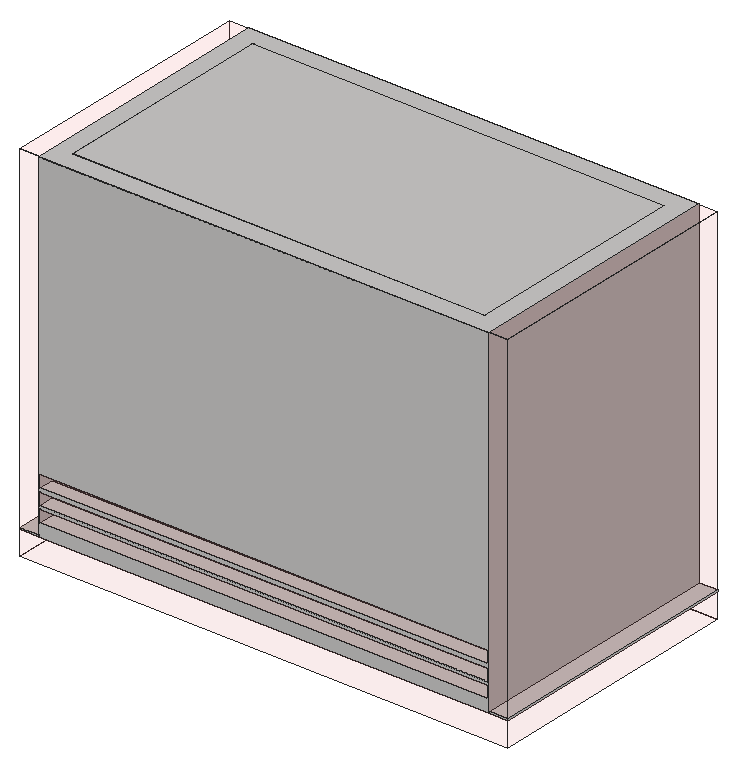
Revit family "Air-Curtain_Specialty_PoweredAire_HDC-Corrosive", category Mechanical Equipment, host Face, Revit 2022
Family settings
  Host = Face
  Round Connector Dimension = Use Diameter
  Part Type = Normal
  OmniClass Number = 23.75.35.17.21
  OmniClass Title = Air Curtains
  Cut with Voids When Loaded = No
  Maintain Annotation Orientation = No
  Shared = No
  Room Calculation Point = No
Parameters
  Warranty Duration (Years) = 0
  Unit Width Notes = "Other Widths available."  # constant formula
  Unit Width = 3' - 3"
  Unit Weight = 0
  Unit Height = 1' - 9"
  Unit Depth = 2' - 3 1/4"
  URL = "http://www.poweredaire.com/"
  Test Data = ""
  Standards Conformance = "as Specified"
  Specification = "http://www.arcat.com/sdspecs/htm04/23_34_33pai.htm"
  SpecWizard = ""
  Sound Pressure = "as Specified"
  Sales Information = "http://www.poweredaire.com/contact_us"
  Revision = "R1_2016-08"
  Projection from Host [instance] = 0' - 2"
  Product Properties = ""
  Product Data = "http://www.arcat.com/arcatcos/cos47/arc47623.html"
  Power Rating = 0 W
  Nozzle Width = if(1 = 1, Unit Width - 0' 3", 0' 0")  # 3' - 0"
  Mounting Width = if(1 = 1, Unit Width - 0' 1 1/2", 0' 0")  # 3' - 1 1/2"
  Mounting Height [instance] = 3' - 6"
  Motor RPM = 0
  Motor HP = 0
  Motor Count = 0
  Model = "As Specified"
  Max Height = 0' - 0"
  Manufacturer Website = "http://www.poweredaire.com/"
  Manufacturer Phone - Toll Free = "888-321-2473"
  Manufacturer Phone = "724-588-3305"
  Manufacturer Fax = "724-588-3371"
  Manufacturer Address = "109 Mortensen Rd.  Greenville, PA 16125"
  Manufacturer = "Powered Aire, Inc"
  Maintenance Schedule (Months) = 0
  Keynote = "23 34 33"
  Installation-Fabrication = ""
  Installation Phase = ""
  Include Clearance [instance] = yes
  Heating Element Load = 0 W
  HVAC_Temperature Rise = 0 °F
  HVAC_Outlet Volume = 0 CFM
  HVAC_Outlet Velocity Uniformity = 0
  HVAC_Outlet Velocity = 0 FPM
  Green Building-LEED = "http://www.arcat.com/green/clients/leed_data_47623.html"
  Front Grating Material [instance] = Metal - Steel - PoweredAire - Stainless 304 Perforated
  Frame Finish [instance] = Metal - Steel - PoweredAire - Stainless 304
  Expected Lifespan (Years) = 0
  Electrical_Wattage [instance] = Power Rating + Heating Element Load  # 0 W
  Electrical_Voltage [instance] = 0 V
  Electrical_Phase [instance] = 1
  Electrical_Frequency [instance] = 0 Hz
  Electrical_Amperage [instance] = 0 A
  Drawn By = "Sumex Design, Inc. / Robert S. Weygant, CSI, CDT, SCIP"
  Description = "Powered Aire Air Curtain as Specified"
  Default Elevation = 0' - 0"  # constant formula
  Copyright = "©Arcat Inc."
  Construction Details = "http://www.arcat.com/details/powair/prod3336.html"
  Clearance_Top [instance] = 0' - 0"
  Clearance_Side B [instance] = 0' - 0"
  Clearance_Side A [instance] = 0' - 0"
  Clearance_Intake [instance] = 0' - 0"
  Clearance_Bottom [instance] = 0' - 0"
  Clearance Material [instance] = ARCAT Clearance
  Building Codes = ""
  Available Options [instance] = "as Specified"
  Assembly Code = "D3090400"
Reference planes (in)
  plane 1 "Center (Elevation)": y = 10.63818
  plane 2: z = 0
  plane 3 "Center (Left/Right)": x = 0
  plane 4: y = 21.13818
  plane 5 "BoC": y = 0.13818
  plane 6: x = -19.5
  plane 7: x = 19.5
  plane 8: z = 29.25
  plane 9 "FF": y = -41.86182
  plane 10: z = 2
  plane 11: x = 18
  plane 12: x = -18
  plane 13: y = 21.13818
  plane 14: y = 0.13818
  plane 15: x = -19.5
  plane 16: x = 19.5
  plane 17: z = 29.25
  plane 18: y = 0.13818
  plane 19: x = 17.9375
  plane 20: x = -17.9375
Forms (in)
  Extrusion 1, solid, material "ARCAT Clearance" <- "Clearance Material", visible <- "Include Clearance"
    sketch origin (0, 0, 0) x (0, 1, 0) y (0, 0, 1)
      loop
        line (0.13818, 29.25) -> (0.13818, 0) -> (21.13818, 0) -> (21.13818, 29.25) -> (0.13818, 29.25)
    from -19.5 to 19.5
  Extrusion 2, solid, material "Metal - Steel - PoweredAire - Stainless 304" <- "Frame Finish"
    sketch origin (0, 10.63818, 0) x (1, 0, 0) y (0, 0, 1)
      loop
        line (18, 29.25) -> (-18, 29.25) -> (-18, 2) -> (18, 2) -> (18, 29.25)
    from -10.5 to 10.5
  Extrusion 3, void
    sketch origin (0, 0, 0) x (0, 1, 0) y (0, 0, 1)
      loop
        line (0.13818, 4) -> (0.13818, 3) -> (1.63818, 3) -> (1.63818, 6.5) -> (0.13818, 6.5) -> (0.13818, 5.5) -> (1.38818, 5.5) -> (1.38818, 5.25) -> (0.13818, 5.25) -> (0.13818, 4.25) -> (1.38818, 4.25) -> (1.38818, 4) -> (0.13818, 4)
    from -17.9375 to 17.9375
  Extrusion 4, solid, material "Metal - Steel - PoweredAire - Stainless 304 Perforated" <- "Front Grating Material"
    sketch origin (18, 10.63818, 29.25) x (-1, 0, 0) y (0, -1, 0)
      loop
        line (1.5, -9) -> (34.5, -9) -> (34.5, 9) -> (1.5, 9) -> (1.5, -9)
    from 0 to 0.03125
  Extrusion 5, solid, material "Metal - Steel - PoweredAire - Stainless 304" <- "Frame Finish"
    sketch origin (-15.17702, -180, 2) x (-1, 0, 0) y (0, -1, 0)
      loop
        line (4.32298, -201.13818) -> (4.32298, -180.13818) -> (2.82298, -180.13818) -> (2.82298, -201.13818) -> (4.32298, -201.13818)
      loop
        line (-34.67702, -201.13818) -> (-33.17702, -201.13818) -> (-33.17702, -180.13818) -> (-34.67702, -180.13818) -> (-34.67702, -201.13818)
    from 0 to 0.125
Cuts and joins
  Extrusion 3 cuts Extrusion 2
Dimensions and locks (in)
  equal spacing: plane 4, plane 1 "Center (Elevation)", plane 5 "BoC"
  "Unit Height": plane 4 to plane 5 "BoC"
  equal spacing: plane 6, plane 3 "Center (Left/Right)", plane 7
  "Unit Width": plane 6 to plane 7
  "Mounting Height": plane 5 "BoC" to plane 9 "FF"
  "Projection from Host": plane 10 to level
  "Unit Depth": plane 8 to plane 10
  locked: plane 6 to plane 12 at 1.5
  locked: plane 11 to plane 7 at 1.5
  "Clearance_Side A": plane 7 to plane 16
  "Clearance_Side B": plane 15 to plane 6
  "Clearance_Top": plane 13 to plane 4
  "Clearance_Bottom": plane 5 "BoC" to plane 14
  "Clearance_Intake": plane 17 to plane 8
  locked: plane 7 to Extrusion 2 sketch curve at 1.5
  locked: Extrusion 2 sketch curve to plane 6 at 1.5
  locked: plane 18 to plane 5 "BoC" at 0
  locked: plane 12 to Extrusion 4 sketch curve at 1.5
  locked: Extrusion 4 sketch curve to plane 11 at 1.5
  locked: Extrusion 4 sketch curve to plane 5 "BoC" at 1.5
  locked: plane 20 to plane 12 at 0.0625
  locked: plane 11 to plane 19 at 0.0625
  Extrusion 3 sketch curve to Extrusion 3 sketch curve to Extrusion 3 sketch curve to Extrusion 3 sketch curve to Extrusion 3 sketch curve to Extrusion 3 sketch curve to plane 10 = 0' - 1" locked, 0' - 0 1/4" locked, 0' - 1" locked, 0' - 0 1/4" locked, 0' - 1" locked, 0' - 1" locked
  locked: plane 4 to Extrusion 4 sketch curve at 1.5
  aligned and locked: plane 2 to host face
  aligned and locked: level to host face
  aligned and locked: Extrusion 1 sketch curve to plane 17
  aligned and locked: plane 14 to Extrusion 1 sketch curve
  aligned and locked: level to Extrusion 1 sketch curve
  aligned and locked: Extrusion 1 sketch curve to plane 13
  aligned and locked: plane 16 to Extrusion 1
  aligned and locked: Extrusion 1 to plane 15
  aligned and locked: Extrusion 2 to plane 4
  aligned and locked: Extrusion 2 to plane 18
  aligned and locked: Extrusion 2 sketch curve to plane 10
  aligned and locked: Extrusion 3 to plane 20
  aligned and locked: plane 19 to Extrusion 3
  aligned and locked: Extrusion 2 sketch curve to plane 8
  aligned and locked: plane 7 to Extrusion 5 sketch curve
  aligned and locked: Extrusion 5 sketch curve to plane 11
  aligned and locked: plane 6 to Extrusion 5 sketch curve
  aligned and locked: Extrusion 5 sketch curve to plane 12
  aligned and locked: plane 18 to Extrusion 5 sketch curve  (x2)
  aligned and locked: Extrusion 5 sketch curve to plane 4  (x2)
Automatic sketch dimensions
  host sketch curve to host sketch curve = 8' - 0"  (x2)
  Extrusion 3 sketch curve to plane 5 "BoC" = 0' - 0"  (x3)
  plane 18 to Extrusion 3 sketch curve = 0' - 1 1/4"
  Extrusion 3 sketch curve to Extrusion 3 sketch curve = 0' - 0"
  Extrusion 3 sketch curve to Extrusion 3 sketch curve = 0' - 0 1/4"
Connectors (in)
  electrical at (-18, 10.63818, 15.625), driven by "Electrical_Voltage", driven by "Electrical_Phase"
    settings: on cut or joined group of Extrusion 2, Extrusion 3, index 1, voltage 0 V, apparent load 0 VA, apparent load phase1 0 VA, apparent load phase2 0 VA, apparent load phase3 0 VA, power factor 1, load classification "Other", number of poles 1, system type 31, power factor state 1, is connector primary yes, connector utility no, sub classification motor no, connector description ""
